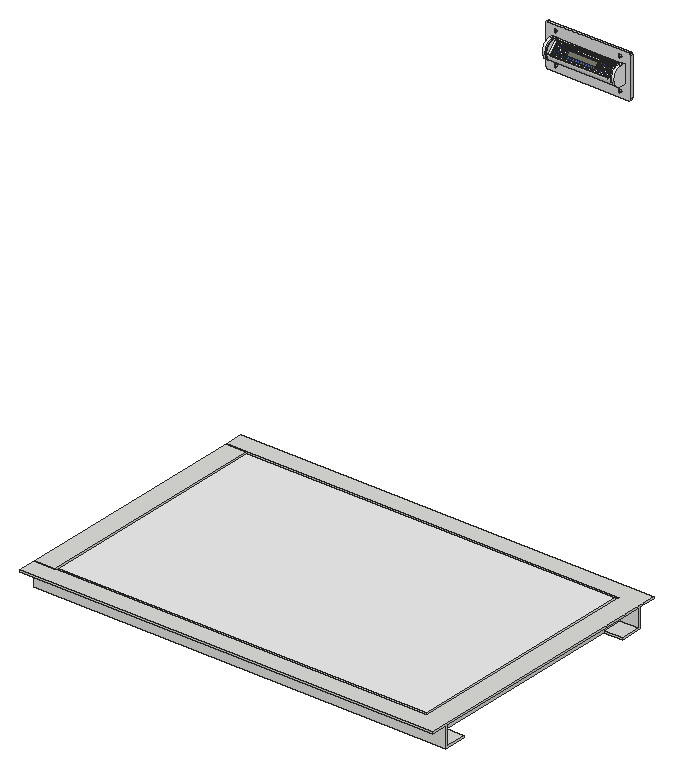
Revit family "Scale-SR_Scales-SR463iR-3", category Specialty Equipment, Revit 2020
Family settings
  Round Connector Dimension = Use Diameter
  Part Type = Normal
  OmniClass Number = 23.40.70.11.14.11
  OmniClass Title = Medical Equipment
  Work Plane-Based = No
  Always vertical = Yes
  Cut with Voids When Loaded = No
  Shared = No
  Room Calculation Point = No
Parameters (values of type "SR463iR-3")
  Wall Plate Center Elevation = 53"
  URL = "http://www.srinstruments.com/"
  Show Printer = no
  Show Handrail = no
  Frame Distance to Wall = 12"  # constant formula
  Product Page URL = "https://srinstruments.com/scales/SR463iR3"
  Power Supply = "110v AC, 50 - 60 Hz"  # constant formula
  Platform Width = 50"
  Platform Size = "32'' x 50'' (81 cm x 127 cm)"  # constant formula
  Platform Depth = 32"
  Pit Depth = 3"
  Model = "SR463iR-3"
  Maximum Weight Capacity = "1000 lbs or 454 kg"  # constant formula
  Manufacturer Phone Number = "1.800.654.6360"  # constant formula
  Manufacturer Email Contact = "mailto:info-request@srinstruments.com?Subject=Revit Inquiry"
  Manufacturer Address 1 = "600 Young Street"  # constant formula
  Manufacturer Address  2 = "Tonawanda, NY 14150"  # constant formula
  Manufacturer = "SR Scales by SR Instruments, Inc."
  Display Type = "16-Character Dot-Matrix LCD"  # constant formula
  Display Resolution = "0.1 lb / 0.1 kg"  # constant formula
  Description = "32\" x 50\" In-Floor Platform Scale"
  Default Elevation = 0"
  Creator URL = "http://www.revituspro.com/"
  Created By = "Revitus"  # constant formula
  Copyright Notice = "© SR Instruments, Inc.  All Rights Reserved."  # constant formula
  Control Panel Offset from Center = 12"
  Calibration = "Traceable to NIST Standards"  # constant formula
  BIM Version Available (Earliest) = "2017"  # constant formula
  BIM Version = "v3.1"  # constant formula
  Averaging = "Automatic Digital Filter"  # constant formula
  Auto Zero = "One Button Auto-Tare"  # constant formula
  Auto Power Down = "30 to 300 Seconds"  # constant formula
  Assembly Code = "E1020810"
Types (5): name | Show Printer | Show Handrail | Model | Description
  (no name) | no | no | "SR463iR-3" | "32\" x 50\" In-Floor Platform Scale"
  SR463iR-3 | no | no | "SR463iR-3" | "32\" x 50\" In-Floor Platform Scale"
  SR463iR-3P | yes | no | "SR463iR-3P" | "32\" x 50\" In-Floor Platform Scale with Printer"
  SR463iR-3H | no | yes | "SR463iR-3H" | "32\" x 50\" In-Floor Platform Scale with Handrail"
  SR463iR-3PH | yes | yes | "SR463iR-3PH" | "32\" x 50\" In-Floor Platform Scale with Printer and Handrail"
Reference planes (in)
  plane 1 "Face of Wall": y = 0
  plane 2: z = 0
  plane 3 "Center (Left/Right)": x = 0
  plane 4 "Platform - Left": x = -25
  plane 5 "Platform - Right": x = 25
  plane 6 "Platform - Front": y = -44
  plane 7 "Platform - Back": y = -12
  plane 8 "Top": z = 33.625
  plane 9 "Left": x = -28
  plane 10 "Right": x = 28
  plane 11 "Frame - Front": y = -46.75
  plane 12 "Frame - Bottom": z = -2.75
  plane 13 "Platform - Top": z = 0.25
  plane 14 "Frame Front Rail - Back": y = -41.5
  plane 15: y = -44.25
  plane 16: z = -2.5
  plane 17: y = -44.5
  plane 18: y = -9.25
  plane 19: y = -14.5
  plane 20: y = -11.75
  plane 21: y = -11.5
  plane 22 "Platform - Bottom": z = -0.75
  plane 23: x = -25.5
  plane 24: x = -25.25
  plane 25: x = -22.5
  plane 26: x = 25.5
  plane 27: x = 25.25
  plane 28: x = 22.5
  plane 29 "Handrail - Left": x = -23.125
  plane 30 "Handrail - Right": x = 23.125
  plane 31 "Handrail Centerline (Front/Back)": y = -13.25
  plane 32: x = 12
  plane 33: x = -21.625
  plane 34: x = -24.625
  plane 35: x = 21.625
  plane 36: x = 24.625
  plane 37 "Handrail Floor Plate - Top": z = 0.5
  plane 38: y = -12.125
  plane 39: y = -14.375
Forms (in)
  Extrusion 1, solid, material "SR Scales - Platform", detail levels medium+fine
    sketch origin (0, 0, 0) x (1, 0, 0) y (0, 0, 1)
      loop
        line (-25, 0.25) -> (-25, -0.75) -> (25, -0.75) -> (25, 0.25) -> (-25, 0.25)
    from 12 to 44
  Extrusion 2, solid, material "SR Scales - Frame", detail levels medium+fine
    sketch origin (0, 0, 0) x (1, 0, 0) y (0, 0, 1)
      loop
        line (-28, 0.25) -> (-28, 0) -> (-25.5, 0) -> (-25.5, -2.75) -> (-22.5, -2.75) -> (-22.5, -2.5) -> (-25.25, -2.5) -> (-25.25, 0.25) -> (-28, 0.25)
    from 11.75 to 44.25
  Extrusion 3, solid, material "SR Scales - Frame", detail levels medium+fine
    sketch origin (0, 0, 0) x (0, 1, 0) y (0, 0, 1)
      loop
        line (-46.75, 0) -> (-44.5, 0) -> (-44.5, -2.75) -> (-41.5, -2.75) -> (-41.5, -2.5) -> (-44.25, -2.5) -> (-44.25, 0.25) -> (-46.75, 0.25) -> (-46.75, 0)
    from -28 to 28
  Extrusion 4, solid, material "SR Scales - Frame", detail levels medium+fine
    sketch origin (0, -44, 0) x (0, -1, 0) y (0, 0, -1)
      loop
        line (-34.75, 0) -> (-34.75, -0.25) -> (-32.25, -0.25) -> (-32.25, 2.5) -> (-29.5, 2.5) -> (-29.5, 2.75) -> (-32.5, 2.75) -> (-32.5, 0) -> (-34.75, 0)
    from -28 to 28
  Extrusion 5, solid, material "SR Scales - Frame", detail levels medium+fine
    sketch origin (0, 0, 0) x (-1, 0, 0) y (0, 0, -1)
      loop
        line (-28, -0.25) -> (-25.25, -0.25) -> (-25.25, 2.5) -> (-22.5, 2.5) -> (-22.5, 2.75) -> (-25.5, 2.75) -> (-25.5, 0) -> (-28, 0) -> (-28, -0.25)
    from 11.75 to 44.25
  Sweep 6, solid, material "SR Scales - Handrail", visible <- "Show Handrail"
    path origin (0, -13.25, 0) x (-1, 0, 0) y (0, 0, 1)
      loop
        line (-23.125, 0.25) -> (-23.125, 27.625)
        arc (-23.125, 27.625) -> (-21.36764, 31.86764) -> (-17.125, 33.625) r 6
        line (-17.125, 33.625) -> (17.125, 33.625)
        arc (17.125, 33.625) -> (21.36764, 31.86764) -> (23.125, 27.625) r 6
        line (23.125, 27.625) -> (23.125, 0.25)
    profile origin (-23.125, -13.25, 13.9375) x (0, 1, 0) y (-1, 0, 0)
      loop
        circle (0, 0) r 0.625
  Extrusion 7, solid, material "SR Scales - Handrail", visible <- "Show Handrail", detail levels medium+fine
    sketch origin (0, 0, 0) x (1, 0, 0) y (0, 1, 0)
      loop
        line (-24.625, -12.125) -> (-24.625, -14.375) -> (-21.625, -14.375) -> (-21.625, -12.125) -> (-24.625, -12.125)
      loop
        line (21.625, -12.125) -> (21.625, -14.375) -> (24.625, -14.375) -> (24.625, -12.125) -> (21.625, -12.125)
    from 0.25 to 0.5
  Extrusion 8, solid, material "SR Scales - Platform", detail levels coarse
    sketch origin (0, 0, 0) x (1, 0, 0) y (0, 1, 0)
      loop
        line (-28, -9.25) -> (-28, -46.75) -> (28, -46.75) -> (28, -9.25) -> (-28, -9.25)
    from -2.75 to 0.25
Cuts and joins
  joined: Extrusion 3, Extrusion 4, Extrusion 5
Lines and regions (in)
  model lines, style "Scale - Platform", detail levels coarse
    curve 1: line (-25, -12, 0.25) -> (-25, -44, 0.25)
    curve 2: line (-25, -12, 0.25) -> (25, -12, 0.25)
    curve 3: line (-25, -44, 0.25) -> (25, -44, 0.25)
    curve 4: line (25, -12, 0.25) -> (25, -44, 0.25)
Dimensions and locks (in)
  equal spacing: plane 4 "Platform - Left", plane 3 "Center (Left/Right)", plane 5 "Platform - Right"
  "Platform Width": plane 4 "Platform - Left" to plane 5 "Platform - Right"
  "Platform Depth": plane 6 "Platform - Front" to plane 7 "Platform - Back"
  plane 8 "Top" to plane 13 "Platform - Top" = 33 3/8"
  plane 25 to plane 4 "Platform - Left" to plane 24 to plane 9 "Left" = 2 1/2" locked, 1/4" locked, 2 3/4" locked
  plane 11 "Frame - Front" to plane 15 to plane 6 "Platform - Front" to plane 14 "Frame Front Rail - Back" = 2 1/2" locked, 1/4" locked, 2 1/2" locked
  locked: plane 13 "Platform - Top" to plane 2 at 0.25
  "Pit Depth": plane 13 "Platform - Top" to plane 12 "Frame - Bottom"
  locked: plane 16 to plane 12 "Frame - Bottom" at 0.25
  locked: plane 17 to plane 15 at 0.25
  plane 18 to plane 20 to plane 7 "Platform - Back" to plane 19 = 2 1/2" locked, 1/4" locked, 2 1/2" locked
  locked: plane 21 to plane 20 at 0.25
  locked: plane 13 "Platform - Top" to plane 22 "Platform - Bottom" at 1
  locked: plane 24 to plane 23 at 0.25
  plane 28 to plane 5 "Platform - Right" to plane 27 to plane 10 "Right" = 2 1/2" locked, 1/4" locked, 2 3/4" locked
  locked: plane 27 to plane 26 at 0.25
  locked: plane 29 "Handrail - Left" to plane 4 "Platform - Left" at 1.875
  locked: plane 30 "Handrail - Right" to plane 5 "Platform - Right" at 1.875
  locked: plane 7 "Platform - Back" to plane 31 "Handrail Centerline (Front/Back)" at 1.25
  "Frame Distance to Wall": plane 7 "Platform - Back" to plane 1 "Face of Wall"
  "Control Panel Offset from Center": plane 32 to plane 3 "Center (Left/Right)"
  plane 34 to plane 29 "Handrail - Left" to plane 33 = 1 1/2" locked, 1 1/2" locked
  plane 36 to plane 30 "Handrail - Right" to plane 35 = 1 1/2" locked, 1 1/2" locked
  locked: plane 37 "Handrail Floor Plate - Top" to plane 13 "Platform - Top" at 0.25
  plane 38 to plane 31 "Handrail Centerline (Front/Back)" to plane 39 = 1 1/8" locked, 1 1/8" locked
  radius of Sweep 6 sketch curve = 6"  (x2)
  aligned and locked: level to plane 2
  aligned and locked: Extrusion 1 to plane 6 "Platform - Front"
  aligned and locked: plane 7 "Platform - Back" to Extrusion 1
  aligned and locked: Extrusion 3 to plane 10 "Right"
  aligned and locked: Extrusion 3 to plane 9 "Left"
  aligned and locked: Extrusion 3 sketch curve to plane 11 "Frame - Front"
  aligned and locked: Extrusion 3 sketch curve to plane 13 "Platform - Top"
  aligned and locked: Extrusion 3 sketch curve to level
  aligned and locked: Extrusion 3 sketch curve to plane 17
  aligned and locked: Extrusion 3 sketch curve to plane 15
  aligned and locked: Extrusion 3 sketch curve to plane 16
  aligned and locked: Extrusion 3 sketch curve to plane 12 "Frame - Bottom"
  aligned and locked: Extrusion 3 sketch curve to plane 14 "Frame Front Rail - Back"
  aligned and locked: plane 18 to Extrusion 4 sketch curve
  aligned and locked: plane 21 to Extrusion 4 sketch curve
  aligned and locked: plane 20 to Extrusion 4 sketch curve
  aligned and locked: plane 19 to Extrusion 4 sketch curve
  aligned and locked: Extrusion 1 to plane 22 "Platform - Bottom"
  aligned and locked: plane 13 "Platform - Top" to Extrusion 1
  aligned and locked: Extrusion 1 sketch curve to plane 4 "Platform - Left"
  aligned and locked: plane 5 "Platform - Right" to Extrusion 1 sketch curve
  aligned and locked: Extrusion 4 to plane 9 "Left"
  aligned and locked: Extrusion 4 to plane 10 "Right"
  aligned and locked: Extrusion 2 sketch curve to plane 9 "Left"
  aligned and locked: Extrusion 2 sketch curve to plane 13 "Platform - Top"
  aligned and locked: Extrusion 2 sketch curve to level
  aligned and locked: Extrusion 2 sketch curve to plane 16
  aligned and locked: Extrusion 2 sketch curve to plane 12 "Frame - Bottom"
  aligned and locked: Extrusion 2 sketch curve to plane 24
  aligned and locked: Extrusion 2 sketch curve to plane 23
  aligned and locked: Extrusion 2 sketch curve to plane 25
  aligned and locked: plane 15 to Extrusion 2
  aligned and locked: plane 20 to Extrusion 2
  aligned and locked: plane 27 to Extrusion 5 sketch curve
  aligned and locked: plane 26 to Extrusion 5 sketch curve
  aligned and locked: plane 28 to Extrusion 5 sketch curve
  aligned and locked: Extrusion 5 to plane 20
  aligned and locked: plane 15 to Extrusion 5
  aligned and locked: plane 10 "Right" to Extrusion 5 sketch curve
  aligned and locked: plane 13 "Platform - Top" to Extrusion 5 sketch curve
  aligned and locked: level to Extrusion 5 sketch curve
  aligned and locked: plane 12 "Frame - Bottom" to Extrusion 5 sketch curve
  aligned and locked: plane 16 to Extrusion 5 sketch curve
  aligned and locked: plane 32 to nested 1
  aligned and locked: plane 1 "Face of Wall" to nested 1
  aligned and locked: plane 29 "Handrail - Left" to Sweep 6 sketch curve
  aligned and locked: plane 8 "Top" to Sweep 6 sketch curve
  aligned and locked: Sweep 6 sketch curve to plane 30 "Handrail - Right"
  aligned and locked: plane 13 "Platform - Top" to Sweep 6 sketch curve  (x2)
  aligned and locked: Extrusion 7 to plane 13 "Platform - Top"
  aligned and locked: plane 37 "Handrail Floor Plate - Top" to Extrusion 7
  aligned and locked: Extrusion 7 sketch curve to plane 38  (x2)
  aligned and locked: plane 34 to Extrusion 7 sketch curve
  aligned and locked: Extrusion 7 sketch curve to plane 33
  aligned and locked: plane 39 to Extrusion 7 sketch curve  (x2)
  aligned and locked: plane 35 to Extrusion 7 sketch curve
  aligned and locked: Extrusion 7 sketch curve to plane 36
  aligned and locked: Extrusion 8 sketch curve to plane 9 "Left"
  aligned and locked: plane 18 to Extrusion 8 sketch curve
  aligned and locked: plane 10 "Right" to Extrusion 8 sketch curve
  aligned and locked: Extrusion 8 sketch curve to plane 11 "Frame - Front"
  aligned and locked: Extrusion 8 to plane 12 "Frame - Bottom"
  aligned and locked: plane 13 "Platform - Top" to Extrusion 8
  aligned and locked: curve 1 to plane 4 "Platform - Left"
  aligned and locked: curve 2 to plane 7 "Platform - Back"
  aligned and locked: curve 3 to plane 6 "Platform - Front"
  aligned and locked: plane 5 "Platform - Right" to curve 4
Automatic sketch dimensions
  Extrusion 1 sketch curve to plane 22 "Platform - Bottom" = 0"
  Extrusion 1 sketch curve to plane 13 "Platform - Top" = 0"
  Extrusion 4 sketch curve to plane 12 "Frame - Bottom" = 0"
  Extrusion 4 sketch curve to plane 16 = 0"
  Extrusion 4 sketch curve to level = 0"
  Extrusion 4 sketch curve to plane 13 "Platform - Top" = 0"
  Sweep 6 sketch curve to plane 31 "Handrail Centerline (Front/Back)" = 0"
  Sweep 6 sketch curve to profile plane = 0"
  radius of Sweep 6 sketch curve = 5/8"
Nested families (in)
  nested 1: "Display-Wall_Panel-SR463iR" at (12, 0, 53), built-in parameter 1001364 <- "Wall Plate Center Elevation", type "Display-Wall_Panel-SR463iR"
Definition of nested family "Display-Wall_Panel-SR463iR"
  Parameters (values of type "Display-Wall_Panel-SR463iR")
    Show Printer = no
    No Printer = not(Show Printer)  # yes
    Manufacturer Phone Number = ""
    Manufacturer Email Contact = ""
    Manufacturer Address 1 = ""
    Manufacturer Address  2 = ""
    Default Elevation = 0"
    Creator URL = ""
    Created By = ""
    Copyright Notice = ""
    BIM Version Available (Earliest) = ""
    BIM Version = ""
  Reference planes (in)
    plane 1 "Center (Front/Back)": y = 0
    plane 2: z = 0
    plane 3 "Center (Left/Right)": x = 0
    plane 4: y = -0.25
  Forms (in)
    Extrusion 1, solid, visible <- "Show Printer", detail levels fine
      sketch origin (-31.99871, 3, -32.9043) x (1, 0, 0) y (0, 0, 1)
        loop
          arc (30.12371, 29.9093) -> (30.16178, 29.81737) -> (30.25371, 29.7793) r 0.13
          line (30.25371, 29.7793) -> (33.74371, 29.7793)
          arc (33.74371, 29.7793) -> (33.83563, 29.81737) -> (33.87371, 29.9093) r 0.13
          line (33.87371, 29.9093) -> (33.87371, 34.1493)
          arc (33.87371, 34.1493) -> (33.83563, 34.24122) -> (33.74371, 34.2793) r 0.13
          line (33.74371, 34.2793) -> (30.25371, 34.2793)
          arc (30.25371, 34.2793) -> (30.16178, 34.24122) -> (30.12371, 34.1493) r 0.13
          line (30.12371, 34.1493) -> (30.12371, 29.9093)
        loop
          line (30.56171, 30.0293) -> (33.43571, 30.0293)
          arc (33.43571, 30.0293) -> (33.48025, 30.04775) -> (33.49871, 30.0923) r 0.063
          line (33.49871, 30.0923) -> (33.49871, 32.5913)
          arc (33.49871, 32.5913) -> (33.48025, 32.63584) -> (33.43571, 32.6543) r 0.063
          line (33.43571, 32.6543) -> (33.24871, 32.6543)
          arc (33.24871, 32.6543) -> (33.21209, 32.74268) -> (33.12371, 32.7793) r 0.125
          line (33.12371, 32.7793) -> (30.87371, 32.7793)
          arc (30.87371, 32.7793) -> (30.78532, 32.74268) -> (30.74871, 32.6543) r 0.125
          line (30.74871, 32.6543) -> (30.56171, 32.6543)
          arc (30.56171, 32.6543) -> (30.51716, 32.63584) -> (30.49871, 32.5913) r 0.063
          line (30.49871, 32.5913) -> (30.49871, 30.0923)
          arc (30.49871, 30.0923) -> (30.51716, 30.04775) -> (30.56171, 30.0293) r 0.063
        loop
          line (33.40521, 32.7793) -> (33.59221, 32.7793) -> (33.59221, 33.4693) -> (33.40521, 33.4693) -> (33.40521, 32.7793)
      from 3.25 to 3.375
    Extrusion 2, solid, visible <- "Show Printer", detail levels medium+fine
      sketch origin (0, 3, -32.9043) x (0, 0, -1) y (0, -1, 0)
        loop
          line (-32.3293, 3.375) -> (-32.6043, 3.375) -> (-32.6043, 3.25) -> (-30.0793, 3.25) -> (-30.0793, 3.33642)
          arc (-30.0793, 3.33642) -> (-30.08872, 3.36956) -> (-30.11416, 3.39279) r 0.063
          arc (-30.11416, 3.39279) -> (-30.99803, 3.62272) -> (-31.8993, 3.475) r 2.20628
          arc (-31.8993, 3.475) -> (-32.11073, 3.40966) -> (-32.3293, 3.375) r 1.55486
      from -1.45 to 1.45
    Extrusion 3, void
      sketch origin (-31.99871, 3, -32.9043) x (1, 0, 0) y (0, 0, 1)
        loop
          line (33.24871, 32.6043) -> (30.74871, 32.6043)
          arc (30.74871, 32.6043) -> (30.78532, 32.51591) -> (30.87371, 32.4793) r 0.125
          line (30.87371, 32.4793) -> (33.12371, 32.4793)
          arc (33.12371, 32.4793) -> (33.21209, 32.51591) -> (33.24871, 32.6043) r 0.125
      from 3.25 to 3.375
    Extrusion 4, solid, visible <- "Show Printer", detail levels coarse+medium
      sketch origin (-31.99871, 3, -32.9043) x (1, 0, 0) y (0, 0, 1)
        loop
          line (30.24871, 29.7793) -> (33.74871, 29.7793)
          arc (33.74871, 29.7793) -> (33.83709, 29.81591) -> (33.87371, 29.9043) r 0.125
          line (33.87371, 29.9043) -> (33.87371, 34.1543)
          arc (33.87371, 34.1543) -> (33.83709, 34.24268) -> (33.74871, 34.2793) r 0.125
          line (33.74871, 34.2793) -> (30.24871, 34.2793)
          arc (30.24871, 34.2793) -> (30.16032, 34.24268) -> (30.12371, 34.1543) r 0.125
          line (30.12371, 34.1543) -> (30.12371, 29.9043)
          arc (30.12371, 29.9043) -> (30.16032, 29.81591) -> (30.24871, 29.7793) r 0.125
      from 3.25 to 3.375
    Extrusion 5, solid, visible <- "Show Printer"
      sketch origin (0, 0, -53) x (1, 0, 0) y (0, 0, 1)
        loop
          line (-5.75, 58.5) -> (-5.75, 49.125)
          arc (-5.75, 49.125) -> (-5.67678, 48.94822) -> (-5.5, 48.875) r 0.25
          line (-5.5, 48.875) -> (5.5, 48.875)
          arc (5.5, 48.875) -> (5.67678, 48.94822) -> (5.75, 49.125) r 0.25
          line (5.75, 49.125) -> (5.75, 58.5)
          arc (5.75, 58.5) -> (5.67678, 58.67678) -> (5.5, 58.75) r 0.25
          line (5.5, 58.75) -> (-5.5, 58.75)
          arc (-5.5, 58.75) -> (-5.67678, 58.67678) -> (-5.75, 58.5) r 0.25
        loop
          circle (-4.375, 49.625) r 0.25
        loop
          circle (4.375, 49.625) r 0.25
        loop
          circle (-4.375, 58) r 0.25
        loop
          circle (4.375, 58) r 0.25
      from 0 to 0.25
    Extrusion 6, solid
      sketch origin (0, 0, -52.8012) x (0, 1, 0) y (0, 0, 1)
        loop
          arc (-0.75, 57.0512) -> (-2, 55.8012) -> (-0.75, 54.5512) r 1.25
          line (-0.75, 54.5512) -> (-0.375, 54.5512)
          arc (-0.375, 54.5512) -> (-0.28661, 54.58781) -> (-0.25, 54.6762) r 0.125
          line (-0.25, 54.6762) -> (-0.25, 56.9262)
          arc (-0.25, 56.9262) -> (-0.28661, 57.01459) -> (-0.375, 57.0512) r 0.125
          line (-0.375, 57.0512) -> (-0.75, 57.0512)
      from -4.25 to 4.375
    Extrusion 7, void
      sketch origin (0, 0, -56.3012) x (0, 1, 0) y (0, 0, 1)
        loop
          line (-1.86474, 59.1797) -> (-0.6273, 60.41714) -> (-0.71569, 60.50552) -> (-0.68832, 60.53289)
          arc (-0.68832, 60.53289) -> (-0.66804, 60.54644) -> (-0.64413, 60.5512) r 0.0625
          line (-0.64413, 60.5512) -> (-0.5, 60.5512) -> (-0.5, 60.8012) -> (-0.75, 60.8012)
          arc (-0.75, 60.8012) -> (-1.88001, 60.28764) -> (-2.23626, 59.09862) r 1.5
          line (-2.23626, 59.09862) -> (-1.98348, 59.09862)
          arc (-1.98348, 59.09862) -> (-1.99211, 59.16094) -> (-1.99759, 59.22362) r 1.25
          line (-1.99759, 59.22362) -> (-1.95312, 59.26809) -> (-1.86474, 59.1797)
      from -4.25 to 4.24871
    Extrusion 8, solid, detail levels medium+fine
      sketch origin (0, 0, -52.8012) x (0, 1, 0) y (0, 0, 1)
        loop
          arc (-0.75, 57.0512) -> (-2, 55.8012) -> (-0.75, 54.5512) r 1.25
          line (-0.75, 54.5512) -> (-0.375, 54.5512)
          arc (-0.375, 54.5512) -> (-0.28661, 54.58781) -> (-0.25, 54.6762) r 0.125
          line (-0.25, 54.6762) -> (-0.25, 56.9262)
          arc (-0.25, 56.9262) -> (-0.28661, 57.01459) -> (-0.375, 57.0512) r 0.125
          line (-0.375, 57.0512) -> (-0.75, 57.0512)
      from -4.875 to -4.5
    Extrusion 9, solid
      sketch origin (0.5, 0, -52.8012) x (0, 1, 0) y (0, 0, 1)
        loop
          arc (-0.75, 57.0512) -> (-2, 55.8012) -> (-0.75, 54.5512) r 1.25
          line (-0.75, 54.5512) -> (-0.375, 54.5512)
          arc (-0.375, 54.5512) -> (-0.28661, 54.58781) -> (-0.25, 54.6762) r 0.125
          line (-0.25, 54.6762) -> (-0.25, 56.9262)
          arc (-0.25, 56.9262) -> (-0.28661, 57.01459) -> (-0.375, 57.0512) r 0.125
          line (-0.375, 57.0512) -> (-0.75, 57.0512)
      from -4.875 to -4.75
    Extrusion 10, solid, detail levels medium+fine
      sketch origin (0, 0, -52.8012) x (0, 1, 0) y (0, 0, -1)
        loop
          line (-0.75, -57.0512) -> (-0.375, -57.0512)
          arc (-0.375, -57.0512) -> (-0.28661, -57.01459) -> (-0.25, -56.9262) r 0.125
          line (-0.25, -56.9262) -> (-0.25, -54.6762)
          arc (-0.25, -54.6762) -> (-0.28661, -54.58781) -> (-0.375, -54.5512) r 0.125
          line (-0.375, -54.5512) -> (-0.75, -54.5512)
          arc (-0.75, -54.5512) -> (-2, -55.8012) -> (-0.75, -57.0512) r 1.25
      from -4.875 to -4.5
    Extrusion 11, solid
      sketch origin (-0.5, 0, -52.8012) x (0, 1, 0) y (0, 0, -1)
        loop
          line (-0.75, -57.0512) -> (-0.375, -57.0512)
          arc (-0.375, -57.0512) -> (-0.28661, -57.01459) -> (-0.25, -56.9262) r 0.125
          line (-0.25, -56.9262) -> (-0.25, -54.6762)
          arc (-0.25, -54.6762) -> (-0.28661, -54.58781) -> (-0.375, -54.5512) r 0.125
          line (-0.375, -54.5512) -> (-0.75, -54.5512)
          arc (-0.75, -54.5512) -> (-2, -55.8012) -> (-0.75, -57.0512) r 1.25
      from -4.875 to -4.75
    Extrusion 12, solid, visible <- "Show Printer", detail levels fine
      sketch origin (0, 0, -51.625) x (0, 1, 0) y (0, 0, 1)
        loop
          line (-0.25, 51.53125) -> (-0.25, 52.17166) -> (-0.34058, 52.17166)
          arc (-0.34058, 52.17166) -> (-0.37145, 52.1635) -> (-0.39427, 52.14116) r 0.0625
          arc (-0.39427, 52.14116) -> (-0.47618, 51.93492) -> (-0.48926, 51.71338) r 0.69841
          arc (-0.48926, 51.71338) -> (-0.45912, 51.61847) -> (-0.39334, 51.54371) r 0.2423
          arc (-0.39334, 51.54371) -> (-0.37563, 51.53445) -> (-0.3559, 51.53125) r 0.0625
          line (-0.3559, 51.53125) -> (-0.25, 51.53125)
      from 1.4375 to 1.5625
    Extrusion 13, solid, visible <- "Show Printer", detail levels fine
      sketch origin (0, 0, 0) x (1, 0, 0) y (0, 0, 1)
        loop
          circle (-4.375, 5) r 0.1875
        loop
          circle (4.375, 5) r 0.1875
        loop
          circle (-4.375, -3.375) r 0.1875
        loop
          circle (4.375, -3.375) r 0.1875
      from 0 to 0.1875
    Extrusion 14, solid, detail levels medium+fine
      sketch origin (9.65958, -0.24913, 4.49411) x (-1, 0, 0) y (0, -0.707107, -0.707107)
        loop
          line (13.90958, 0.65981) -> (13.90958, 2.15981)
          arc (13.90958, 2.15981) -> (13.87296, 2.2482) -> (13.78458, 2.28481) r 0.125
          line (13.78458, 2.28481) -> (5.53458, 2.28481)
          arc (5.53458, 2.28481) -> (5.44619, 2.2482) -> (5.40958, 2.15981) r 0.125
          line (5.40958, 2.15981) -> (5.40958, 0.65981)
          arc (5.40958, 0.65981) -> (5.44619, 0.57142) -> (5.53458, 0.53481) r 0.125
          line (5.53458, 0.53481) -> (13.78458, 0.53481)
          arc (13.78458, 0.53481) -> (13.87296, 0.57142) -> (13.90958, 0.65981) r 0.125
        loop
          line (13.53458, 0.72231) -> (13.53458, 2.09731)
          arc (13.53458, 2.09731) -> (13.51627, 2.14151) -> (13.47208, 2.15981) r 0.0625
          line (13.47208, 2.15981) -> (5.84837, 2.15981)
          arc (5.84837, 2.15981) -> (5.80418, 2.14151) -> (5.78587, 2.09731) r 0.0625
          line (5.78587, 2.09731) -> (5.78587, 0.72231)
          arc (5.78587, 0.72231) -> (5.80418, 0.67812) -> (5.84837, 0.65981) r 0.0625
          line (5.84837, 0.65981) -> (13.47208, 0.65981)
          arc (13.47208, 0.65981) -> (13.51627, 0.67812) -> (13.53458, 0.72231) r 0.0625
      from 0 to 0.125
    Extrusion 15, solid, detail levels medium+fine
      sketch origin (8.28587, -6.87826, -2.13502) x (-1, 0, 0) y (0, -0.707107, -0.707107)
        loop
          line (6.28587, -7.59019) -> (6.28587, -8.34019) -> (10.28587, -8.34019) -> (10.28587, -7.59019) -> (6.28587, -7.59019)
      from 0 to 0.125
    Extrusion 16, solid, detail levels medium+fine
      sketch origin (8.28587, -4.72754, 0.0157) x (-1, 0, 0) y (0, -0.707107, -0.707107)
        loop
          arc (6.28587, -4.29861) -> (6.19748, -4.33522) -> (6.16087, -4.42361) r 0.125
          line (6.16087, -4.42361) -> (6.16087, -5.29861)
          arc (6.16087, -5.29861) -> (6.19748, -5.387) -> (6.28587, -5.42361) r 0.125
          line (6.28587, -5.42361) -> (10.28587, -5.42361)
          arc (10.28587, -5.42361) -> (10.37426, -5.387) -> (10.41087, -5.29861) r 0.125
          line (10.41087, -5.29861) -> (10.41087, -4.42361)
          arc (10.41087, -4.42361) -> (10.37426, -4.33522) -> (10.28587, -4.29861) r 0.125
          line (10.28587, -4.29861) -> (6.28587, -4.29861)
        loop
          line (6.28587, -4.54861) -> (6.28587, -5.29861) -> (10.28587, -5.29861) -> (10.28587, -4.54861) -> (6.28587, -4.54861)
        loop
          arc (4.75462, -4.36111) -> (4.68833, -4.38857) -> (4.66087, -4.45486) r 0.09375
          line (4.66087, -4.45486) -> (4.66087, -4.76736)
          arc (4.66087, -4.76736) -> (4.68833, -4.83365) -> (4.75462, -4.86111) r 0.09375
          line (4.75462, -4.86111) -> (5.06712, -4.86111)
          arc (5.06712, -4.86111) -> (5.13341, -4.83365) -> (5.16087, -4.76736) r 0.09375
          line (5.16087, -4.76736) -> (5.16087, -4.45486)
          arc (5.16087, -4.45486) -> (5.13341, -4.38857) -> (5.06712, -4.36111) r 0.09375
          line (5.06712, -4.36111) -> (4.75462, -4.36111)
        loop
          line (5.06712, -4.42361) -> (4.75462, -4.42361)
          arc (4.75462, -4.42361) -> (4.73252, -4.43276) -> (4.72337, -4.45486) r 0.03125
          line (4.72337, -4.45486) -> (4.72337, -4.76736)
          arc (4.72337, -4.76736) -> (4.73252, -4.78946) -> (4.75462, -4.79861) r 0.03125
          line (4.75462, -4.79861) -> (5.06712, -4.79861)
          arc (5.06712, -4.79861) -> (5.08922, -4.78946) -> (5.09837, -4.76736) r 0.03125
          line (5.09837, -4.76736) -> (5.09837, -4.45486)
          arc (5.09837, -4.45486) -> (5.08922, -4.43276) -> (5.06712, -4.42361) r 0.03125
        loop
          arc (5.50462, -4.36111) -> (5.43833, -4.38857) -> (5.41087, -4.45486) r 0.09375
          line (5.41087, -4.45486) -> (5.41087, -4.76736)
          arc (5.41087, -4.76736) -> (5.43833, -4.83365) -> (5.50462, -4.86111) r 0.09375
          line (5.50462, -4.86111) -> (5.81712, -4.86111)
          arc (5.81712, -4.86111) -> (5.88341, -4.83365) -> (5.91087, -4.76736) r 0.09375
          line (5.91087, -4.76736) -> (5.91087, -4.45486)
          arc (5.91087, -4.45486) -> (5.88341, -4.38857) -> (5.81712, -4.36111) r 0.09375
          line (5.81712, -4.36111) -> (5.50462, -4.36111)
        loop
          line (5.81712, -4.42361) -> (5.50462, -4.42361)
          arc (5.50462, -4.42361) -> (5.48252, -4.43276) -> (5.47337, -4.45486) r 0.03125
          line (5.47337, -4.45486) -> (5.47337, -4.76736)
          arc (5.47337, -4.76736) -> (5.48252, -4.78946) -> (5.50462, -4.79861) r 0.03125
          line (5.50462, -4.79861) -> (5.81712, -4.79861)
          arc (5.81712, -4.79861) -> (5.83922, -4.78946) -> (5.84837, -4.76736) r 0.03125
          line (5.84837, -4.76736) -> (5.84837, -4.45486)
          arc (5.84837, -4.45486) -> (5.83922, -4.43276) -> (5.81712, -4.42361) r 0.03125
        loop
          arc (5.50462, -4.98611) -> (5.43833, -5.01357) -> (5.41087, -5.07986) r 0.09375
          line (5.41087, -5.07986) -> (5.41087, -5.39236)
          arc (5.41087, -5.39236) -> (5.43833, -5.45865) -> (5.50462, -5.48611) r 0.09375
          line (5.50462, -5.48611) -> (5.81712, -5.48611)
          arc (5.81712, -5.48611) -> (5.88341, -5.45865) -> (5.91087, -5.39236) r 0.09375
          line (5.91087, -5.39236) -> (5.91087, -5.07986)
          arc (5.91087, -5.07986) -> (5.88341, -5.01357) -> (5.81712, -4.98611) r 0.09375
          line (5.81712, -4.98611) -> (5.50462, -4.98611)
        loop
          line (5.81712, -5.04861) -> (5.50462, -5.04861)
          arc (5.50462, -5.04861) -> (5.48252, -5.05776) -> (5.47337, -5.07986) r 0.03125
          line (5.47337, -5.07986) -> (5.47337, -5.39236)
          arc (5.47337, -5.39236) -> (5.48252, -5.41446) -> (5.50462, -5.42361) r 0.03125
          line (5.50462, -5.42361) -> (5.81712, -5.42361)
          arc (5.81712, -5.42361) -> (5.83922, -5.41446) -> (5.84837, -5.39236) r 0.03125
          line (5.84837, -5.39236) -> (5.84837, -5.07986)
          arc (5.84837, -5.07986) -> (5.83922, -5.05776) -> (5.81712, -5.04861) r 0.03125
        loop
          arc (4.75462, -4.98611) -> (4.68833, -5.01357) -> (4.66087, -5.07986) r 0.09375
          line (4.66087, -5.07986) -> (4.66087, -5.39236)
          arc (4.66087, -5.39236) -> (4.68833, -5.45865) -> (4.75462, -5.48611) r 0.09375
          line (4.75462, -5.48611) -> (5.06712, -5.48611)
          arc (5.06712, -5.48611) -> (5.13341, -5.45865) -> (5.16087, -5.39236) r 0.09375
          line (5.16087, -5.39236) -> (5.16087, -5.07986)
          arc (5.16087, -5.07986) -> (5.13341, -5.01357) -> (5.06712, -4.98611) r 0.09375
          line (5.06712, -4.98611) -> (4.75462, -4.98611)
        loop
          line (5.06712, -5.04861) -> (4.75462, -5.04861)
          arc (4.75462, -5.04861) -> (4.73252, -5.05776) -> (4.72337, -5.07986) r 0.03125
          line (4.72337, -5.07986) -> (4.72337, -5.39236)
          arc (4.72337, -5.39236) -> (4.73252, -5.41446) -> (4.75462, -5.42361) r 0.03125
          line (4.75462, -5.42361) -> (5.06712, -5.42361)
          arc (5.06712, -5.42361) -> (5.08922, -5.41446) -> (5.09837, -5.39236) r 0.03125
          line (5.09837, -5.39236) -> (5.09837, -5.07986)
          arc (5.09837, -5.07986) -> (5.08922, -5.05776) -> (5.06712, -5.04861) r 0.03125
        loop
          line (11.81712, -4.36111) -> (11.50462, -4.36111)
          arc (11.50462, -4.36111) -> (11.43833, -4.38857) -> (11.41087, -4.45486) r 0.09375
          line (11.41087, -4.45486) -> (11.41087, -4.76736)
          arc (11.41087, -4.76736) -> (11.43833, -4.83365) -> (11.50462, -4.86111) r 0.09375
          line (11.50462, -4.86111) -> (11.81712, -4.86111)
          arc (11.81712, -4.86111) -> (11.88341, -4.83365) -> (11.91087, -4.76736) r 0.09375
          line (11.91087, -4.76736) -> (11.91087, -4.45486)
          arc (11.91087, -4.45486) -> (11.88341, -4.38857) -> (11.81712, -4.36111) r 0.09375
        loop
          arc (11.50462, -4.42361) -> (11.48252, -4.43276) -> (11.47337, -4.45486) r 0.03125
          line (11.47337, -4.45486) -> (11.47337, -4.76736)
          arc (11.47337, -4.76736) -> (11.48252, -4.78946) -> (11.50462, -4.79861) r 0.03125
          line (11.50462, -4.79861) -> (11.81712, -4.79861)
          arc (11.81712, -4.79861) -> (11.83922, -4.78946) -> (11.84837, -4.76736) r 0.03125
          line (11.84837, -4.76736) -> (11.84837, -4.45486)
          arc (11.84837, -4.45486) -> (11.83922, -4.43276) -> (11.81712, -4.42361) r 0.03125
          line (11.81712, -4.42361) -> (11.50462, -4.42361)
        loop
          line (11.06712, -4.36111) -> (10.75462, -4.36111)
          arc (10.75462, -4.36111) -> (10.68833, -4.38857) -> (10.66087, -4.45486) r 0.09375
          line (10.66087, -4.45486) -> (10.66087, -4.76736)
          arc (10.66087, -4.76736) -> (10.68833, -4.83365) -> (10.75462, -4.86111) r 0.09375
          line (10.75462, -4.86111) -> (11.06712, -4.86111)
          arc (11.06712, -4.86111) -> (11.13341, -4.83365) -> (11.16087, -4.76736) r 0.09375
          line (11.16087, -4.76736) -> (11.16087, -4.45486)
          arc (11.16087, -4.45486) -> (11.13341, -4.38857) -> (11.06712, -4.36111) r 0.09375
        loop
          arc (10.75462, -4.42361) -> (10.73252, -4.43276) -> (10.72337, -4.45486) r 0.03125
          line (10.72337, -4.45486) -> (10.72337, -4.76736)
          arc (10.72337, -4.76736) -> (10.73252, -4.78946) -> (10.75462, -4.79861) r 0.03125
          line (10.75462, -4.79861) -> (11.06712, -4.79861)
          arc (11.06712, -4.79861) -> (11.08922, -4.78946) -> (11.09837, -4.76736) r 0.03125
          line (11.09837, -4.76736) -> (11.09837, -4.45486)
          arc (11.09837, -4.45486) -> (11.08922, -4.43276) -> (11.06712, -4.42361) r 0.03125
          line (11.06712, -4.42361) -> (10.75462, -4.42361)
        loop
          line (11.06712, -4.98611) -> (10.75462, -4.98611)
          arc (10.75462, -4.98611) -> (10.68833, -5.01357) -> (10.66087, -5.07986) r 0.09375
          line (10.66087, -5.07986) -> (10.66087, -5.39236)
          arc (10.66087, -5.39236) -> (10.68833, -5.45865) -> (10.75462, -5.48611) r 0.09375
          line (10.75462, -5.48611) -> (11.06712, -5.48611)
          arc (11.06712, -5.48611) -> (11.13341, -5.45865) -> (11.16087, -5.39236) r 0.09375
          line (11.16087, -5.39236) -> (11.16087, -5.07986)
          arc (11.16087, -5.07986) -> (11.13341, -5.01357) -> (11.06712, -4.98611) r 0.09375
        loop
          arc (10.75462, -5.04861) -> (10.73252, -5.05776) -> (10.72337, -5.07986) r 0.03125
          line (10.72337, -5.07986) -> (10.72337, -5.39236)
          arc (10.72337, -5.39236) -> (10.73252, -5.41446) -> (10.75462, -5.42361) r 0.03125
          line (10.75462, -5.42361) -> (11.06712, -5.42361)
          arc (11.06712, -5.42361) -> (11.08922, -5.41446) -> (11.09837, -5.39236) r 0.03125
          line (11.09837, -5.39236) -> (11.09837, -5.07986)
          arc (11.09837, -5.07986) -> (11.08922, -5.05776) -> (11.06712, -5.04861) r 0.03125
          line (11.06712, -5.04861) -> (10.75462, -5.04861)
        loop
          line (11.81712, -4.98611) -> (11.50462, -4.98611)
          arc (11.50462, -4.98611) -> (11.43833, -5.01357) -> (11.41087, -5.07986) r 0.09375
          line (11.41087, -5.07986) -> (11.41087, -5.39236)
          arc (11.41087, -5.39236) -> (11.43833, -5.45865) -> (11.50462, -5.48611) r 0.09375
          line (11.50462, -5.48611) -> (11.81712, -5.48611)
          arc (11.81712, -5.48611) -> (11.88341, -5.45865) -> (11.91087, -5.39236) r 0.09375
          line (11.91087, -5.39236) -> (11.91087, -5.07986)
          arc (11.91087, -5.07986) -> (11.88341, -5.01357) -> (11.81712, -4.98611) r 0.09375
        loop
          arc (11.50462, -5.04861) -> (11.48252, -5.05776) -> (11.47337, -5.07986) r 0.03125
          line (11.47337, -5.07986) -> (11.47337, -5.39236)
          arc (11.47337, -5.39236) -> (11.48252, -5.41446) -> (11.50462, -5.42361) r 0.03125
          line (11.50462, -5.42361) -> (11.81712, -5.42361)
          arc (11.81712, -5.42361) -> (11.83922, -5.41446) -> (11.84837, -5.39236) r 0.03125
          line (11.84837, -5.39236) -> (11.84837, -5.07986)
          arc (11.84837, -5.07986) -> (11.83922, -5.05776) -> (11.81712, -5.04861) r 0.03125
          line (11.81712, -5.04861) -> (11.50462, -5.04861)
      from 0 to 0.125
    Extrusion 17, solid, detail levels medium+fine
      sketch origin (8.28587, -4.04983, 0.69341) x (-1, 0, 0) y (0, -0.707107, -0.707107)
        loop
          line (12.16087, -4.65269) -> (12.16087, -3.27769)
          arc (12.16087, -3.27769) -> (12.14256, -3.23349) -> (12.09837, -3.21519) r 0.0625
          line (12.09837, -3.21519) -> (4.47337, -3.21519)
          arc (4.47337, -3.21519) -> (4.42918, -3.23349) -> (4.41087, -3.27769) r 0.0625
          line (4.41087, -3.27769) -> (4.41087, -4.65269)
          arc (4.41087, -4.65269) -> (4.42918, -4.69688) -> (4.47337, -4.71519) r 0.0625
          line (4.47337, -4.71519) -> (12.09837, -4.71519)
          arc (12.09837, -4.71519) -> (12.14256, -4.69688) -> (12.16087, -4.65269) r 0.0625
        loop
          line (10.41087, -4.34019) -> (10.41087, -3.46519)
          arc (10.41087, -3.46519) -> (10.37426, -3.3768) -> (10.28587, -3.34019) r 0.125
          line (10.28587, -3.34019) -> (6.28587, -3.34019)
          arc (6.28587, -3.34019) -> (6.19748, -3.3768) -> (6.16087, -3.46519) r 0.125
          line (6.16087, -3.46519) -> (6.16087, -4.34019)
          arc (6.16087, -4.34019) -> (6.19748, -4.42858) -> (6.28587, -4.46519) r 0.125
          line (6.28587, -4.46519) -> (10.28587, -4.46519)
          arc (10.28587, -4.46519) -> (10.37426, -4.42858) -> (10.41087, -4.34019) r 0.125
        loop
          arc (4.75462, -3.40269) -> (4.68833, -3.43015) -> (4.66087, -3.49644) r 0.09375
          line (4.66087, -3.49644) -> (4.66087, -3.80894)
          arc (4.66087, -3.80894) -> (4.68833, -3.87523) -> (4.75462, -3.90269) r 0.09375
          line (4.75462, -3.90269) -> (5.06712, -3.90269)
          arc (5.06712, -3.90269) -> (5.13341, -3.87523) -> (5.16087, -3.80894) r 0.09375
          line (5.16087, -3.80894) -> (5.16087, -3.49644)
          arc (5.16087, -3.49644) -> (5.13341, -3.43015) -> (5.06712, -3.40269) r 0.09375
          line (5.06712, -3.40269) -> (4.75462, -3.40269)
        loop
          arc (4.75462, -3.46519) -> (4.73252, -3.47434) -> (4.72337, -3.49644) r 0.03125
          line (4.72337, -3.49644) -> (4.72337, -3.80894)
          arc (4.72337, -3.80894) -> (4.73252, -3.83104) -> (4.75462, -3.84019) r 0.03125
          line (4.75462, -3.84019) -> (5.06712, -3.84019)
          arc (5.06712, -3.84019) -> (5.08922, -3.83104) -> (5.09837, -3.80894) r 0.03125
          line (5.09837, -3.80894) -> (5.09837, -3.49644)
          arc (5.09837, -3.49644) -> (5.08922, -3.47434) -> (5.06712, -3.46519) r 0.03125
          line (5.06712, -3.46519) -> (4.75462, -3.46519)
        loop
          arc (5.50462, -3.40269) -> (5.43833, -3.43015) -> (5.41087, -3.49644) r 0.09375
          line (5.41087, -3.49644) -> (5.41087, -3.80894)
          arc (5.41087, -3.80894) -> (5.43833, -3.87523) -> (5.50462, -3.90269) r 0.09375
          line (5.50462, -3.90269) -> (5.81712, -3.90269)
          arc (5.81712, -3.90269) -> (5.88341, -3.87523) -> (5.91087, -3.80894) r 0.09375
          line (5.91087, -3.80894) -> (5.91087, -3.49644)
          arc (5.91087, -3.49644) -> (5.88341, -3.43015) -> (5.81712, -3.40269) r 0.09375
          line (5.81712, -3.40269) -> (5.50462, -3.40269)
        loop
          arc (5.50462, -3.46519) -> (5.48252, -3.47434) -> (5.47337, -3.49644) r 0.03125
          line (5.47337, -3.49644) -> (5.47337, -3.80894)
          arc (5.47337, -3.80894) -> (5.48252, -3.83104) -> (5.50462, -3.84019) r 0.03125
          line (5.50462, -3.84019) -> (5.81712, -3.84019)
          arc (5.81712, -3.84019) -> (5.83922, -3.83104) -> (5.84837, -3.80894) r 0.03125
          line (5.84837, -3.80894) -> (5.84837, -3.49644)
          arc (5.84837, -3.49644) -> (5.83922, -3.47434) -> (5.81712, -3.46519) r 0.03125
          line (5.81712, -3.46519) -> (5.50462, -3.46519)
        loop
          arc (4.75462, -4.02769) -> (4.68833, -4.05515) -> (4.66087, -4.12144) r 0.09375
          line (4.66087, -4.12144) -> (4.66087, -4.43394)
          arc (4.66087, -4.43394) -> (4.68833, -4.50023) -> (4.75462, -4.52769) r 0.09375
          line (4.75462, -4.52769) -> (5.06712, -4.52769)
          arc (5.06712, -4.52769) -> (5.13341, -4.50023) -> (5.16087, -4.43394) r 0.09375
          line (5.16087, -4.43394) -> (5.16087, -4.12144)
          arc (5.16087, -4.12144) -> (5.13341, -4.05515) -> (5.06712, -4.02769) r 0.09375
          line (5.06712, -4.02769) -> (4.75462, -4.02769)
        loop
          arc (4.75462, -4.09019) -> (4.73252, -4.09934) -> (4.72337, -4.12144) r 0.03125
          line (4.72337, -4.12144) -> (4.72337, -4.43394)
          arc (4.72337, -4.43394) -> (4.73252, -4.45604) -> (4.75462, -4.46519) r 0.03125
          line (4.75462, -4.46519) -> (5.06712, -4.46519)
          arc (5.06712, -4.46519) -> (5.08922, -4.45604) -> (5.09837, -4.43394) r 0.03125
          line (5.09837, -4.43394) -> (5.09837, -4.12144)
          arc (5.09837, -4.12144) -> (5.08922, -4.09934) -> (5.06712, -4.09019) r 0.03125
          line (5.06712, -4.09019) -> (4.75462, -4.09019)
        loop
          arc (5.50462, -4.02769) -> (5.43833, -4.05515) -> (5.41087, -4.12144) r 0.09375
          line (5.41087, -4.12144) -> (5.41087, -4.43394)
          arc (5.41087, -4.43394) -> (5.43833, -4.50023) -> (5.50462, -4.52769) r 0.09375
          line (5.50462, -4.52769) -> (5.81712, -4.52769)
          arc (5.81712, -4.52769) -> (5.88341, -4.50023) -> (5.91087, -4.43394) r 0.09375
          line (5.91087, -4.43394) -> (5.91087, -4.12144)
          arc (5.91087, -4.12144) -> (5.88341, -4.05515) -> (5.81712, -4.02769) r 0.09375
          line (5.81712, -4.02769) -> (5.50462, -4.02769)
        loop
          arc (5.50462, -4.09019) -> (5.48252, -4.09934) -> (5.47337, -4.12144) r 0.03125
          line (5.47337, -4.12144) -> (5.47337, -4.43394)
          arc (5.47337, -4.43394) -> (5.48252, -4.45604) -> (5.50462, -4.46519) r 0.03125
          line (5.50462, -4.46519) -> (5.81712, -4.46519)
          arc (5.81712, -4.46519) -> (5.83922, -4.45604) -> (5.84837, -4.43394) r 0.03125
          line (5.84837, -4.43394) -> (5.84837, -4.12144)
          arc (5.84837, -4.12144) -> (5.83922, -4.09934) -> (5.81712, -4.09019) r 0.03125
          line (5.81712, -4.09019) -> (5.50462, -4.09019)
        loop
          line (11.81712, -3.40269) -> (11.50462, -3.40269)
          arc (11.50462, -3.40269) -> (11.43833, -3.43015) -> (11.41087, -3.49644) r 0.09375
          line (11.41087, -3.49644) -> (11.41087, -3.80894)
          arc (11.41087, -3.80894) -> (11.43833, -3.87523) -> (11.50462, -3.90269) r 0.09375
          line (11.50462, -3.90269) -> (11.81712, -3.90269)
          arc (11.81712, -3.90269) -> (11.88341, -3.87523) -> (11.91087, -3.80894) r 0.09375
          line (11.91087, -3.80894) -> (11.91087, -3.49644)
          arc (11.91087, -3.49644) -> (11.88341, -3.43015) -> (11.81712, -3.40269) r 0.09375
        loop
          line (11.81712, -3.46519) -> (11.50462, -3.46519)
          arc (11.50462, -3.46519) -> (11.48252, -3.47434) -> (11.47337, -3.49644) r 0.03125
          line (11.47337, -3.49644) -> (11.47337, -3.80894)
          arc (11.47337, -3.80894) -> (11.48252, -3.83104) -> (11.50462, -3.84019) r 0.03125
          line (11.50462, -3.84019) -> (11.81712, -3.84019)
          arc (11.81712, -3.84019) -> (11.83922, -3.83104) -> (11.84837, -3.80894) r 0.03125
          line (11.84837, -3.80894) -> (11.84837, -3.49644)
          arc (11.84837, -3.49644) -> (11.83922, -3.47434) -> (11.81712, -3.46519) r 0.03125
        loop
          line (11.06712, -3.40269) -> (10.75462, -3.40269)
          arc (10.75462, -3.40269) -> (10.68833, -3.43015) -> (10.66087, -3.49644) r 0.09375
          line (10.66087, -3.49644) -> (10.66087, -3.80894)
          arc (10.66087, -3.80894) -> (10.68833, -3.87523) -> (10.75462, -3.90269) r 0.09375
          line (10.75462, -3.90269) -> (11.06712, -3.90269)
          arc (11.06712, -3.90269) -> (11.13341, -3.87523) -> (11.16087, -3.80894) r 0.09375
          line (11.16087, -3.80894) -> (11.16087, -3.49644)
          arc (11.16087, -3.49644) -> (11.13341, -3.43015) -> (11.06712, -3.40269) r 0.09375
        loop
          line (11.06712, -3.46519) -> (10.75462, -3.46519)
          arc (10.75462, -3.46519) -> (10.73252, -3.47434) -> (10.72337, -3.49644) r 0.03125
          line (10.72337, -3.49644) -> (10.72337, -3.80894)
          arc (10.72337, -3.80894) -> (10.73252, -3.83104) -> (10.75462, -3.84019) r 0.03125
          line (10.75462, -3.84019) -> (11.06712, -3.84019)
          arc (11.06712, -3.84019) -> (11.08922, -3.83104) -> (11.09837, -3.80894) r 0.03125
          line (11.09837, -3.80894) -> (11.09837, -3.49644)
          arc (11.09837, -3.49644) -> (11.08922, -3.47434) -> (11.06712, -3.46519) r 0.03125
        loop
          line (11.81712, -4.02769) -> (11.50462, -4.02769)
          arc (11.50462, -4.02769) -> (11.43833, -4.05515) -> (11.41087, -4.12144) r 0.09375
          line (11.41087, -4.12144) -> (11.41087, -4.43394)
          arc (11.41087, -4.43394) -> (11.43833, -4.50023) -> (11.50462, -4.52769) r 0.09375
          line (11.50462, -4.52769) -> (11.81712, -4.52769)
          arc (11.81712, -4.52769) -> (11.88341, -4.50023) -> (11.91087, -4.43394) r 0.09375
          line (11.91087, -4.43394) -> (11.91087, -4.12144)
          arc (11.91087, -4.12144) -> (11.88341, -4.05515) -> (11.81712, -4.02769) r 0.09375
        loop
          line (11.81712, -4.09019) -> (11.50462, -4.09019)
          arc (11.50462, -4.09019) -> (11.48252, -4.09934) -> (11.47337, -4.12144) r 0.03125
          line (11.47337, -4.12144) -> (11.47337, -4.43394)
          arc (11.47337, -4.43394) -> (11.48252, -4.45604) -> (11.50462, -4.46519) r 0.03125
          line (11.50462, -4.46519) -> (11.81712, -4.46519)
          arc (11.81712, -4.46519) -> (11.83922, -4.45604) -> (11.84837, -4.43394) r 0.03125
          line (11.84837, -4.43394) -> (11.84837, -4.12144)
          arc (11.84837, -4.12144) -> (11.83922, -4.09934) -> (11.81712, -4.09019) r 0.03125
        loop
          line (11.06712, -4.02769) -> (10.75462, -4.02769)
          arc (10.75462, -4.02769) -> (10.68833, -4.05515) -> (10.66087, -4.12144) r 0.09375
          line (10.66087, -4.12144) -> (10.66087, -4.43394)
          arc (10.66087, -4.43394) -> (10.68833, -4.50023) -> (10.75462, -4.52769) r 0.09375
          line (10.75462, -4.52769) -> (11.06712, -4.52769)
          arc (11.06712, -4.52769) -> (11.13341, -4.50023) -> (11.16087, -4.43394) r 0.09375
          line (11.16087, -4.43394) -> (11.16087, -4.12144)
          arc (11.16087, -4.12144) -> (11.13341, -4.05515) -> (11.06712, -4.02769) r 0.09375
        loop
          line (11.06712, -4.09019) -> (10.75462, -4.09019)
          arc (10.75462, -4.09019) -> (10.73252, -4.09934) -> (10.72337, -4.12144) r 0.03125
          line (10.72337, -4.12144) -> (10.72337, -4.43394)
          arc (10.72337, -4.43394) -> (10.73252, -4.45604) -> (10.75462, -4.46519) r 0.03125
          line (10.75462, -4.46519) -> (11.06712, -4.46519)
          arc (11.06712, -4.46519) -> (11.08922, -4.45604) -> (11.09837, -4.43394) r 0.03125
          line (11.09837, -4.43394) -> (11.09837, -4.12144)
          arc (11.09837, -4.12144) -> (11.08922, -4.09934) -> (11.06712, -4.09019) r 0.03125
      from 0 to 0.125
    Extrusion 18, solid, visible <- "No Printer"
      sketch origin (0, 0, -53) x (1, 0, 0) y (0, 0, 1)
        loop
          line (-5.75, 58.5) -> (-5.75, 53.25)
          arc (-5.75, 53.25) -> (-5.67678, 53.07322) -> (-5.5, 53) r 0.25
          line (-5.5, 53) -> (5.5, 53)
          arc (5.5, 53) -> (5.67678, 53.07322) -> (5.75, 53.25) r 0.25
          line (5.75, 53.25) -> (5.75, 58.5)
          arc (5.75, 58.5) -> (5.67678, 58.67678) -> (5.5, 58.75) r 0.25
          line (5.5, 58.75) -> (-5.5, 58.75)
          arc (-5.5, 58.75) -> (-5.67678, 58.67678) -> (-5.75, 58.5) r 0.25
        loop
          circle (-4.375, 53.75) r 0.25
        loop
          circle (4.375, 53.75) r 0.25
        loop
          circle (-4.375, 58) r 0.25
        loop
          circle (4.375, 58) r 0.25
      from 0 to 0.25
    Extrusion 19, solid, visible <- "No Printer", detail levels fine
      sketch origin (0, 0, 0) x (1, 0, 0) y (0, 0, 1)
        loop
          circle (-4.375, 5) r 0.1875
        loop
          circle (4.375, 5) r 0.1875
        loop
          circle (-4.375, 0.75) r 0.1875
        loop
          circle (4.375, 0.75) r 0.1875
      from 0 to 0.1875
  Cuts and joins
    Extrusion 3 cuts Extrusion 2
    Extrusion 3 cuts Extrusion 4
    Extrusion 7 cuts Extrusion 6
    joined: Extrusion 6, Extrusion 9, Extrusion 11
  Dimensions and locks (in)
    locked: plane 4 to plane 1 "Center (Front/Back)" at 0.25
    aligned and locked: plane 2 to level
    aligned and locked: Extrusion 5 to plane 4
